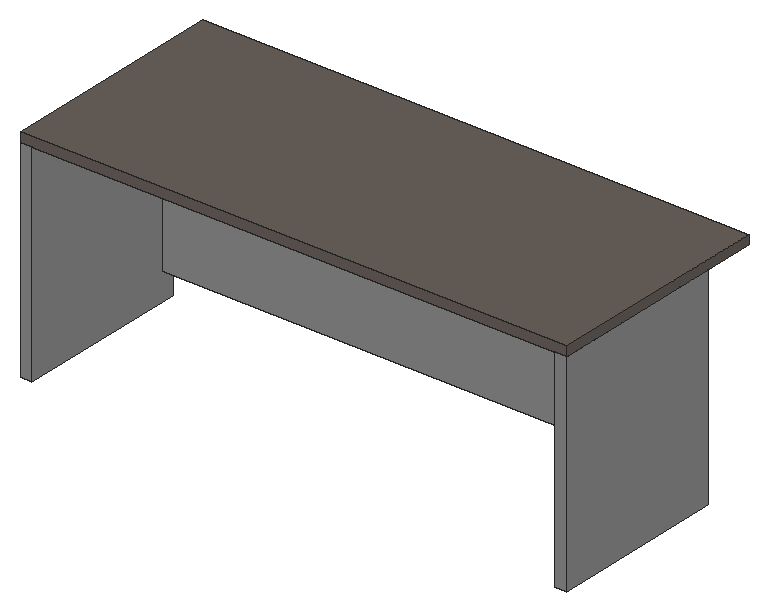
Revit family "Haworth_XSeries_DeskShell", category Furniture Systems, Revit 2019
Family settings
  Round Connector Dimension = Use Diameter
  Part Type = Normal
  OmniClass Number = 23.40.70.14.64.21
  OmniClass Title = Systems Furniture
  Work Plane-Based = No
  Always vertical = Yes
  Cut with Voids When Loaded = No
  Shared = No
  Room Calculation Point = No
Parameters (values of type "36d 72w 29h - Full Modesty Panel")
  Worksurface Finish [instance] = Haworth _ Laminate _ Columbian Walnut H-KG
  Warranty = "https://cdn.shopify.com/s/files/1/0561/5304/7249/files/Haworth_North_America_Online_Warranty_2022.pdf?v=1660247284"
  URL - Product = "https://www.haworth.com/na/en/products/storage-based/x-series-desks.html"
  Three Quarter Height Modesty Panel = no
  Sustainability Info = "https://www.haworth.com/na/en/expertise/research/sustainability.html"
  Standard Depths = "24, 30, 36 in."  # constant formula
  Overhang Extension = if(Overhang, 6", 0")  # 6"
  Overhang = yes
  One Third Height Modesty Panel = not(or(Three Quarter Height Modesty Panel, Full Height Modesty Panel))  # no
  Modesty Panel Height = if(One Third Height Modesty Panel, 9 1/4", if(Three Quarter Height Modesty Panel, 20", (Actual Height / 2) - 1 1/4" - 2 1/2"))  # 10 3/4"
  Modesty Panel Finish [instance] = Haworth _ Paint _ Graphite
  Model = "JDSL-xx72"  # constant formula
  Width = 72"
  URL = "http://www.haworth.com/"
  Size = "Verify Final Dim. w/ Haworth"  # constant formula
  Revision Number = "5"  # constant formula
  Min. Width = 30"  # constant formula
  Max. Width = 72"  # constant formula
  Min. Depth = 24"  # constant formula
  Max. Depth = 36"  # constant formula
  Manufacturer = "Haworth"  # constant formula
  Full Height Modesty Panel = yes
  End Panel Finish [instance] = Haworth _ Paint _ Graphite
  Edge Finish [instance] = Haworth _ Laminate _ Columbian Walnut H-KG
  Description = "Haworth XSeries Desk Shell"  # constant formula
  Worksurface Depth = 36"
  Custom Size = not(and(or(Actual Width = 30", Actual Width = 36", Actual Width = 42", Actual Width = 48", Actual Width = 54", Actual Width = 60", Actual Width = 66", Actual Width = 72"), or(Actual Depth = 24", Actual Depth = 30", Actual Depth = 36")))  # no
  Author = "Haworth (Hampton), SHAPE Environments, LLC"  # constant formula
  Assembly Code = "E2020200"
  Actual Width = if(Width < Min. Width, Min. Width, if(Width > Max. Width, Max. Width, Width))  # 72"
  Actual Height = 29"  # constant formula
  Actual Depth = if(or(and(Worksurface Depth = Min. Depth, Overhang), Worksurface Depth < Min. Depth, Overhang), Min. Depth + 6", if(and(Worksurface Depth > Max. Depth, Overhang), Max. Depth, if(and(Worksurface Depth < Min. Depth, not(Overhang)), Min. Depth, if(and(Worksurface Depth > Max. Depth, not(Overhang)), Max. Depth - 6", Worksurface Depth))))  # 30"
  Standard Widths = "30, 36, 42, 48, 54, 60, 66, 72 in."  # constant formula
Types (3): name | Overhang Extension | Overhang | Worksurface Depth | Actual Depth
  24d 72w 29h - Full Modesty Panel | 0" | no | 24" | 24"
  30d 72w 29h - Full Modesty Panel | 0" | no | 30" | 30"
  36d 72w 29h - Full Modesty Panel | 6" | yes | 36" | 30"
Reference planes (in)
  plane 1 "Back": y = -10
  plane 2: z = 0
  plane 3 "Center": x = 29.0625
  plane 4 "Top": z = 29
  plane 5 "Bottom of Top": z = 27.75
  plane 6 "Floor": y = -34
  plane 7 "Left Side": x = -6.9375
  plane 8 "Right Side": x = 65.0625
  plane 9 "Executive Overhang": y = -4
  plane 10 "left leg width": x = -5.40625
  plane 11 "right leg width": x = 63.53125
  plane 12 "End Panel Offset": y = -10.75
  plane 13 "Modesty Panel Offset": y = -11.5
  plane 14 "Inside face of Modesty Panel": y = -12.65625
  plane 15 "Top of Modesty Panel": z = 25.25
  plane 16 "Bottom of Modesty Panel": z = 14.5
Forms (in)
  Extrusion 1, solid, material "Haworth _ Laminate _ Columbian Walnut H-KG" <- "Worksurface Finish"
    sketch origin (0, 0, 29) x (0, 1, 0) y (-1, 0, 0)
      loop
        line (-4, 6.9375) -> (-34, 6.9375) -> (-34, -65.0625) -> (-4, -65.0625) -> (-4, 6.9375)
    from 0 to -1.25
  Extrusion 2, solid, material "Haworth _ Paint _ Graphite" <- "End Panel Finish"
    sketch origin (0, 0, 0) x (1, 0, 0) y (0, 1, 0)
      loop
        line (-6.9375, -10.75) -> (-6.9375, -34) -> (-5.40625, -34) -> (-5.40625, -10.75) -> (-6.9375, -10.75)
    from 0 to 27.75
  Extrusion 3, solid, material "Haworth _ Paint _ Graphite" <- "End Panel Finish"
    sketch origin (0, 0, 0) x (1, 0, 0) y (0, 1, 0)
      loop
        line (63.53125, -10.75) -> (63.53125, -34) -> (65.0625, -34) -> (65.0625, -10.75) -> (63.53125, -10.75)
    from 0 to 27.75
  Extrusion 4, solid, material "Haworth _ Paint _ Graphite" <- "Modesty Panel Finish"
    sketch origin (0, 0, 0) x (1, 0, 0) y (0, 1, 0)
      loop
        line (-5.40625, -11.5) -> (-5.40625, -12.65625) -> (63.53125, -12.65625) -> (63.53125, -11.5) -> (-5.40625, -11.5)
    from 14.5 to 25.25
  Extrusion 5, solid, material "Haworth _ Paint _ Graphite" <- "Modesty Panel Finish", visible <- "Full Height Modesty Panel"
    sketch origin (2.85118, 0, -10.75) x (1, 0, 0) y (0, 1, 0)
      loop
        line (-8.25743, -11.5) -> (-8.25743, -12.65625) -> (60.68007, -12.65625) -> (60.68007, -11.5) -> (-8.25743, -11.5)
    from 14.5 to 25.25
Lines and regions (in)
  Masking region 1
    outline origin (0, 0, 27.75) x (0, 1, 0) y (-1, 0, 0)
      loop
        line (-4, 6.9375) -> (-34, 6.9375) -> (-34, -65.0625) -> (-4, -65.0625) -> (-4, 6.9375)
  symbolic lines, style "Haworth Hidden", visible <- "Overhang", detail levels fine
    curve 1: line (-6.9375, -10.75, 0) -> (65.0625, -10.75, 0)
Dimensions and locks (in)
  "Actual Height": plane 4 "Top" to level
  "Actual Depth": plane 9 "Executive Overhang" to plane 6 "Floor"
  equal spacing: plane 7 "Left Side", plane 3 "Center", plane 8 "Right Side"
  "Actual Width": plane 7 "Left Side" to plane 8 "Right Side"
  locked: plane 4 "Top" to plane 5 "Bottom of Top" at 1.25
  locked: plane 10 "left leg width" to plane 7 "Left Side" at 1.53125
  locked: plane 8 "Right Side" to plane 11 "right leg width" at 1.53125
  locked: plane 12 "End Panel Offset" to plane 1 "Back" at 0.75
  locked: plane 12 "End Panel Offset" to plane 13 "Modesty Panel Offset" at 0.75
  locked: plane 13 "Modesty Panel Offset" to plane 14 "Inside face of Modesty Panel" at 1.15625
  locked: plane 15 "Top of Modesty Panel" to plane 5 "Bottom of Top" at 2.5
  "Modesty Panel Height": plane 16 "Bottom of Modesty Panel" to plane 15 "Top of Modesty Panel"
  "Overhang Extension": plane 9 "Executive Overhang" to plane 1 "Back"
  aligned and locked: level to plane 2
  aligned and locked: plane 7 "Left Side" to Extrusion 1 sketch curve
  aligned and locked: Extrusion 1 sketch curve to plane 9 "Executive Overhang"
  aligned and locked: Extrusion 1 sketch curve to plane 6 "Floor"
  aligned and locked: Extrusion 1 sketch curve to plane 8 "Right Side"
  aligned and locked: Extrusion 1 to plane 5 "Bottom of Top"
  aligned and locked: Extrusion 2 sketch curve to plane 12 "End Panel Offset"
  aligned and locked: Extrusion 2 sketch curve to plane 10 "left leg width"
  aligned and locked: plane 7 "Left Side" to Extrusion 2 sketch curve
  aligned and locked: plane 5 "Bottom of Top" to Extrusion 2
  aligned and locked: Extrusion 3 sketch curve to plane 6 "Floor"
  aligned and locked: Extrusion 3 sketch curve to plane 8 "Right Side"
  aligned and locked: plane 11 "right leg width" to Extrusion 3 sketch curve
  aligned and locked: plane 12 "End Panel Offset" to Extrusion 3 sketch curve
  aligned and locked: Extrusion 3 to plane 5 "Bottom of Top"
  aligned and locked: Extrusion 4 sketch curve to plane 13 "Modesty Panel Offset"
  aligned and locked: Extrusion 4 sketch curve to plane 14 "Inside face of Modesty Panel"
  aligned and locked: Extrusion 4 sketch curve to plane 11 "right leg width"
  aligned and locked: plane 10 "left leg width" to Extrusion 4 sketch curve
  aligned and locked: Extrusion 4 to plane 15 "Top of Modesty Panel"
  aligned and locked: Extrusion 4 to plane 16 "Bottom of Modesty Panel"
  aligned and locked: Masking region 1 sketch curve to plane 9 "Executive Overhang"
  aligned and locked: plane 7 "Left Side" to Masking region 1 sketch curve
  aligned and locked: Masking region 1 sketch curve to plane 8 "Right Side"
  aligned and locked: Masking region 1 sketch curve to plane 6 "Floor"
  aligned and locked: plane 11 "right leg width" to Extrusion 5
  aligned and locked: curve 1 to plane 12 "End Panel Offset"
Automatic sketch dimensions
  Extrusion 2 sketch curve to plane 6 "Floor" = 0"
  Extrusion 5 sketch curve to plane 14 "Inside face of Modesty Panel" = 0"
  Extrusion 5 sketch curve to plane 13 "Modesty Panel Offset" = 0"
  plane 10 "left leg width" to Extrusion 5 sketch curve = 0"
  Extrusion 5 sketch curve to plane 8 "Right Side" = 1 17/32"
  curve 1 to plane 7 "Left Side" = 0"
  curve 1 to plane 8 "Right Side" = 0"
